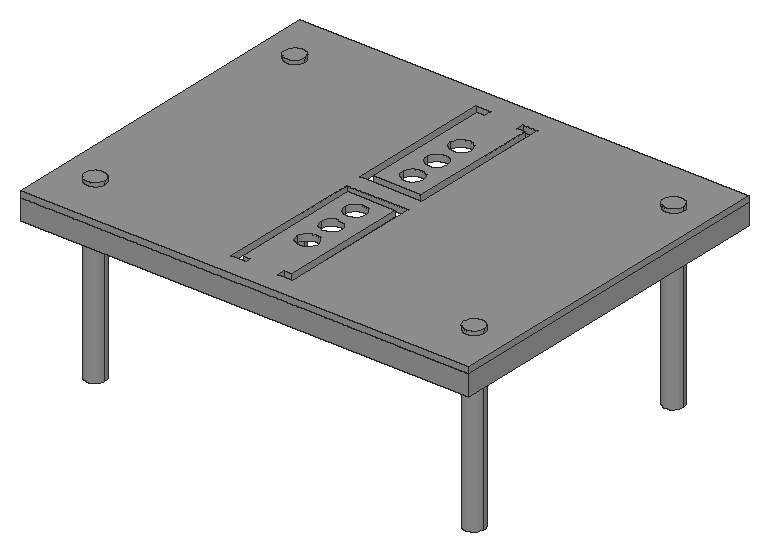
Revit family "Höhenerweiterung für Bodensteckdose UDHOME2", category Generic Models, Revit 2015
Parameters (values of type "HE60 GE2")
  Width = 180 mm
  URL = "http://www.obo-bettermann.com"
  Material = Steel, Galvanized
  Manufacturer Art.No. = "7368400"
  Manufacturer = "OBO Bettermann"
  Length = 140 mm
  HeightCalc = if(Height < 10 mm, 10 mm, (if(Height > 60 mm, 60 mm, Height)))  # 60 mm
  Height 1 = 72 mm
  Height = 60 mm
  GTIN = "4012195919322"
  Article Type = "HE60 UDHOME2"
Reference planes
  plane 1 "Center (Front/Back)": y = 0
  plane 2: z = 0
  plane 3 "Center (Left/Right)": x = 0
  plane 4: z = 72
  plane 5: z = 60
Forms (mm)
  Extrusion 1, solid, material "Steel, Galvanized" <- "Material"
    sketch origin (0, 0, 0) x (1, 0, 0) y (0, 1, 0)
      loop
        circle (-76, 50) r 4
      loop
        circle (76, 50) r 4
      loop
        circle (-76, -50) r 4
      loop
        circle (76, -50) r 4
    from 0 to 72
  Extrusion 2, solid, material "Steel, Galvanized" <- "Material"
    sketch origin (0, 0, 0) x (1, 0, 0) y (0, 1, 0)
      loop
        line (-90, 70) -> (-90, -70) -> (90, -70) -> (90, 70) -> (-90, 70)
    from 68.256 to 70.688
  Extrusion 3, solid, material "Steel, Galvanized" <- "Material"
    sketch origin (0, 0, 0) x (1, 0, 0) y (0, 1, 0)
      loop
        line (90, 70) -> (-90, 70) -> (-90, -70) -> (90, -70) -> (90, 70)
      loop
        line (-88, 68) -> (-88, -68) -> (88, -68) -> (88, 68) -> (-88, 68)
    from 60 to 68.256
  Extrusion 4, void
    sketch origin (0, 0, 0) x (1, 0, 0) y (0, 1, 0)
      loop
        line (-6.5, 61.4) -> (-12.5, 61.4) -> (-12.5, 3.4) -> (12.5, 3.4) -> (12.5, 61.4) -> (6.5, 61.4) -> (6.5, 58.4) -> (9.5, 58.4) -> (9.5, 6.4) -> (-9.5, 6.4) -> (-9.5, 58.4) -> (-6.5, 58.4) -> (-6.5, 61.4)
      loop
        line (-6.5, -61.4) -> (-6.5, -58.4) -> (-9.5, -58.4) -> (-9.5, -6.4) -> (9.5, -6.4) -> (9.5, -58.4) -> (6.5, -58.4) -> (6.5, -61.4) -> (12.5, -61.4) -> (12.5, -3.4) -> (-12.5, -3.4) -> (-12.5, -61.4) -> (-6.5, -61.4)
    from 68.256 to 70.688
  Extrusion 5, void
    sketch origin (0, 0, 0) x (1, 0, 0) y (0, 1, 0)
      loop
        circle (0, 38.4) r 4.25
      loop
        circle (0, 26.4) r 4.25
      loop
        circle (0, 14.4) r 4.25
      loop
        circle (0, -38.4) r 4.25
      loop
        circle (0, -26.4) r 4.25
      loop
        circle (0, -14.4) r 4.25
    from 68.256 to 70.688
Cuts and joins
  Extrusion 4, Extrusion 5 cuts Extrusion 2
Dimensions and locks
  locked: Extrusion 1 sketch curve to plane 3 "Center (Left/Right)" at 76  (x2)
  locked: plane 1 "Center (Front/Back)" to Extrusion 1 sketch curve at 50  (x2)
  locked: plane 3 "Center (Left/Right)" to Extrusion 1 sketch curve at 76  (x2)
  locked: Extrusion 1 sketch curve to plane 1 "Center (Front/Back)" at 50  (x2)
  "Height 1": plane 4 to level
  "Width": Extrusion 2 sketch curve to Extrusion 2 sketch curve
  equal spacing: Extrusion 2 sketch curve, plane 3 "Center (Left/Right)", Extrusion 2 sketch curve
  "Length": Extrusion 2 sketch curve to Extrusion 2 sketch curve
  equal spacing: Extrusion 2 sketch curve, plane 1 "Center (Front/Back)", Extrusion 2 sketch curve
  locked: Extrusion 2 to Extrusion 3 sketch curve at 2  (x3)
  locked: Extrusion 3 sketch curve to Extrusion 2 at 2
  locked: Extrusion 2 to Extrusion 2 at 2.433
  locked: Extrusion 3 to Extrusion 3 at 8.256
  "HeightCalc": plane 5 to level
  locked: Extrusion 4 sketch curve to Extrusion 4 sketch curve at 13  (x2)
  equal spacing: Extrusion 4 sketch curve, plane 3 "Center (Left/Right)", Extrusion 4 sketch curve, locked at 6.5 each
  locked: Extrusion 4 sketch curve to Extrusion 4 sketch curve at 25  (x2)
  equal spacing: Extrusion 4 sketch curve, plane 3 "Center (Left/Right)", Extrusion 4 sketch curve, locked at 12.5 each
  locked: Extrusion 4 sketch curve to Extrusion 4 sketch curve at 3  (x8)
  locked: Extrusion 2 to Extrusion 4 sketch curve at 8.6
  locked: Extrusion 4 sketch curve to Extrusion 4 sketch curve at 58  (x2)
  Extrusion 4 sketch curve to Extrusion 4 sketch curve = 13 mm
  Extrusion 4 sketch curve to Extrusion 4 sketch curve = 25 mm
  locked: cut or joined group of Extrusion 2, Extrusion 4, Extrusion 5 to Extrusion 5 sketch curve at 31.6
  locked: Extrusion 5 sketch curve to Extrusion 5 sketch curve at 12  (x4)
  cut or joined group of Extrusion 2, Extrusion 4, Extrusion 5 to Extrusion 5 sketch curve = 31.6 mm
  diameter of Extrusion 1 sketch curve = 8 mm  (x4)
  diameter of Extrusion 5 sketch curve = 8.5 mm  (x6)
  aligned and locked: level to plane 2
  aligned and locked: plane 4 to Extrusion 1
  aligned and locked: Extrusion 3 to plane 5
  aligned and locked: Extrusion 2 to Extrusion 3
  aligned and locked: Extrusion 4 sketch curve to Extrusion 4 sketch curve  (x4)
  aligned and locked: Extrusion 3 sketch curve to cut or joined group of Extrusion 2, Extrusion 4, Extrusion 5  (x4)
  aligned and locked: Extrusion 2 to Extrusion 4  (x2)
  aligned and locked: Extrusion 2 to Extrusion 5  (x2)
Automatic sketch dimensions
  Extrusion 4 sketch curve to plane 3 "Center (Left/Right)" = 12.5 mm
  Extrusion 4 sketch curve to Extrusion 4 sketch curve = 3 mm
  plane 1 "Center (Front/Back)" to Extrusion 4 sketch curve = 3.4 mm
  Extrusion 5 sketch curve to plane 3 "Center (Left/Right)" = 0 mm  (x6)
